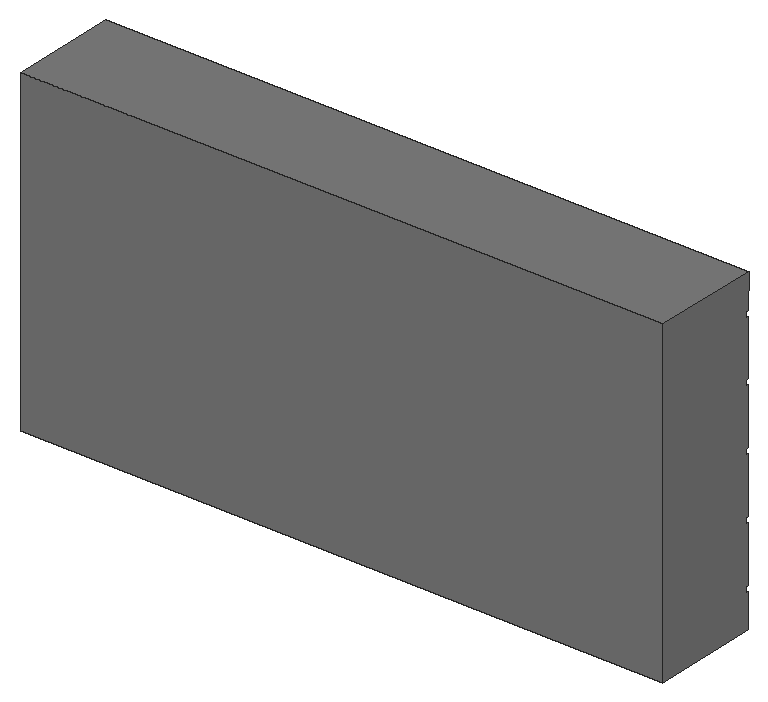
Revit family "Etixx31_ep200_R6-45", category Equipement spécialisé, Revit 2016
Family settings
  Type d'élément = Normal
  Cote de connecteur circulaire = Utiliser le diamètre
  Basée sur le plan de construction = Non
  Toujours verticalement = Oui
  Couper avec des vides une fois chargée = Non
  Partagée = Non
  Point de calcul de pièce = Non
Parameters (values of type "Etixx31_ep200_R6-45")
  Visibilité [instance] = yes
  URL = "https://www.isobox-isolation.fr/sites/default/files/produit_documents/plaquette_etixx_31_37juin2018_0.pdf"
  Transmission de la vapeur d’eau (μ) = "20-40"  # constant formula
  Résistance thermique = 6.4500 (m²·K)/W  # constant formula
  Modèle = "ep : 200mm"  # constant formula
  Matériaux = Isolant PSE Etixx 31
  Longueur [instance] = 1200.00 mm
  Largeur [instance] = 600.00 mm
  Image du type = Etixx31.jpg
  Fabricant = "Isobox"  # constant formula
  Epaisseur = 200.00 mm  # constant formula
  Empreinte carbone (Kg eq CO²/m²) = 13  # constant formula
  Description = "Etixx31 épaisseur 200"  # constant formula
  Coût = 0  # constant formula
  Conductivité thermique = 0.0310 W/(m·K)  # constant formula
Reference planes
  plane 1 "Centre (avant/arrière)": z = 0
  plane 2: y = 655.866
  plane 3 "Centre (gauche/droite)": x = 298.55
  plane 4 "Extérieur": y = 455.866
  plane 5: x = -901.45
  plane 6: z = 600
Forms (mm)
  Extrusion 1, solid, material "Isolant PSE Etixx 31" <- "Matériaux"
    sketch origin (0, 655.866, 600) x (0, 0, 1) y (-1, 0, 0)
      loop
        line (-600, 901.45) -> (-600, -298.55) -> (0, -298.55) -> (0, 901.45) -> (-600, 901.45)
    from 0 to 200
  Extrusion 2, void
    sketch origin (2.901, 655.866, 520) x (0, 0, 1) y (-1, 0, 0)
      loop
        line (-455, 904.351) -> (-455, -295.649) -> (-445, -295.649) -> (-445, 904.351) -> (-455, 904.351)
      loop
        line (-340, 904.351) -> (-340, -295.649) -> (-330, -295.649) -> (-330, 904.351) -> (-340, 904.351)
      loop
        line (-225, 904.351) -> (-225, -295.649) -> (-215, -295.649) -> (-215, 904.351) -> (-225, 904.351)
      loop
        line (-110, 904.351) -> (-110, -295.649) -> (-100, -295.649) -> (-100, 904.351) -> (-110, 904.351)
      loop
        line (5, 904.351) -> (5, -295.649) -> (15, -295.649) -> (15, 904.351) -> (5, 904.351)
    from 0 to 5
Cuts and joins
  Extrusion 2 cuts Extrusion 1
Dimensions and locks
  "Epaisseur": plane 4 "Extérieur" to plane 2
  "Longueur": plane 5 to plane 3 "Centre (gauche/droite)"
  "Largeur": plane 6 to level
  aligned and locked: plane 4 "Extérieur" to cut or joined group of Extrusion 1, Extrusion 2
  aligned and locked: plane 1 "Centre (avant/arrière)" to cut or joined group of Extrusion 1, Extrusion 2
  aligned and locked: plane 5 to Extrusion 1
  aligned and locked: plane 6 to cut or joined group of Extrusion 1, Extrusion 2
  aligned and locked: Extrusion 1 to Extrusion 2  (x9)
  aligned and locked: plane 3 "Centre (gauche/droite)" to Extrusion 2
Automatic sketch dimensions
  Extrusion 1 sketch curve to level = 0.00 mm
  Extrusion 1 sketch curve to plane 3 "Centre (gauche/droite)" = 0.00 mm
  level to Extrusion 1 sketch curve = 600.00 mm
  Extrusion 1 sketch curve to Extrusion 1 sketch curve = 1200.00 mm
  plane 3 "Centre (gauche/droite)" to Extrusion 2 sketch curve = 0.00 mm  (x5)
  level to Extrusion 2 sketch curve = 65.00 mm
  Extrusion 2 sketch curve to Extrusion 2 sketch curve = 10.00 mm  (x5)
  Extrusion 2 sketch curve to Extrusion 2 sketch curve = 105.00 mm  (x4)
  Extrusion 2 sketch curve to Extrusion 2 sketch curve = 1200.00 mm
  Extrusion 2 sketch curve to Extrusion 2 sketch curve = 0.00 mm  (x4)
